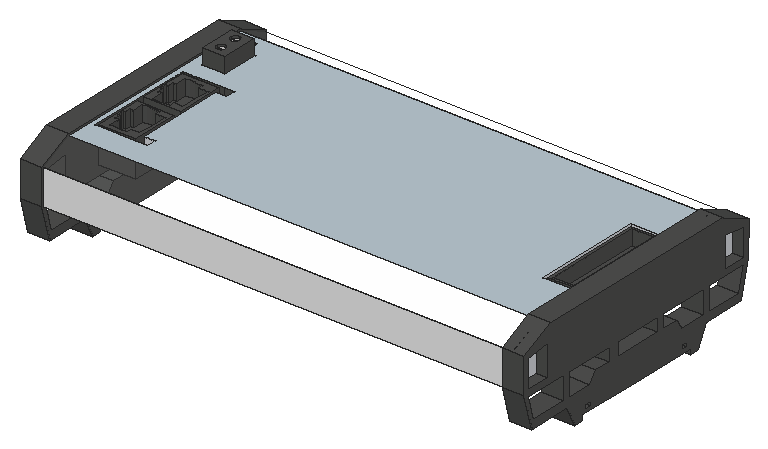
Revit family "3466A_NX_Network_Interface_Module", category Communication Devices, host Face, Revit 2021
Family settings
  Host = Face
  Maintain Annotation Orientation = No
  Round Connector Dimension = Use Diameter
  Part Type = Normal
  OmniClass Number = 23.85.80.11.27
  OmniClass Title = Lighting Controls
  Cut with Voids When Loaded = No
  Shared = Yes
  Room Calculation Point = No
Parameters
  White Element = Metal-Galvanized_Steel
  Warranty = "5-Years Warranty"  # constant formula
  Voltage = 24 V
  Type Comments = "NX Network Interface Module"  # constant formula
  Steel = Metal-Galvanized_Steel
  Product Page URL = ""
  URL = "https://www.currentlighting.com/nxlightingcontrols"
  Output Power = "24VDC power supplied to connected accessory modules"
  Model = "NX Dry Contact Module"  # constant formula
  Manufacturer = " NX Lighting Controls"  # constant formula
  Input Power = "24VDC, 800mA max current via network cable"
  Green Element = Plastic -  Green
  Features = "Allows connection of multiple accessory modules in series\r\n• Discovered as a control device and with visibility in the Area\r\nController GUI\r\n• Repeats communication signal to extend network length\r\n• Integral link indicators confirm network segment status\r\n• Ribbon cable connection to accessory modules provided\r\n• Power LED indicator confirms presence of accessory DC power\r\n• DIN rail mounting in the NX Accessory Enclosure"
  Description = "It provides a simple way to incorporate standard dry contact inputs and outputs into the NX control "  # constant formula
  Default Elevation = 48.00"
  Copyright = "Copyright ©  NX Lighting Controls"  # constant formula
  Contact Us = ""
  Black Material = Paint -  Black Matte Textured
  Assembly Code = "D5090"
  Apparent Load = 0 VA
Reference planes (in)
  plane 1 "Center (Front/Back)": y = 11.68155
  plane 2: z = 0
  plane 3 "Center (Left/Right)": x = 0
  plane 4: z = 2.21
  plane 5: x = -3.14
  plane 6: x = 3.14
  plane 7: y = 13.50155
  plane 8: y = 9.86155
  plane 9: z = 1.56
Forms (in)
  Extrusion 1, solid
    sketch origin (0, 0, 0) x (0, 1, 0) y (0, 0, 1)
      loop
        line (13.07788, 1.56) -> (10.28523, 1.56) -> (9.86155, 1.36244) -> (9.86155, 0.91005) -> (13.50155, 0.91005) -> (13.50155, 1.36244) -> (13.07788, 1.56)
    from 3.14 to -3.14
  Extrusion 2, void
    sketch origin (0, 0.0625, 0) x (1, 0, 0) y (0, 1, 0)
      loop
        line (2.63741, 12.3616) -> (2.63741, 10.92438) -> (3.06495, 10.92438) -> (3.06495, 12.3616) -> (2.63741, 12.3616)
    from 1.56 to 1.36244
  Extrusion 3, solid, material "Paint -  Black Matte Textured" <- "Black Material"
    sketch origin (0, 0.0625, 0) x (1, 0, 0) y (0, 1, 0)
      loop
        line (2.66678, 12.32936) -> (2.66678, 10.96534) -> (3.02605, 10.96534) -> (3.02605, 12.32936) -> (2.66678, 12.32936)
      loop
        line (2.70257, 12.29427) -> (2.70257, 10.99354) -> (2.98857, 10.99354) -> (2.98857, 12.29427) -> (2.70257, 12.29427)
    from 1.56 to 1.36244
  Extrusion 4, void
    sketch origin (0.125, -0.3125, 0) x (-1, 0, 0) y (0, -1, 0)
      loop
        line (2.51241, -12.3616) -> (3.06495, -12.3616) -> (3.06495, -10.92438) -> (2.51241, -10.92438) -> (2.37394, -10.92438) -> (2.37394, -11.06112) -> (2.51241, -11.06112) -> (2.51241, -12.22486) -> (2.37394, -12.22486) -> (2.37394, -12.3616) -> (2.51241, -12.3616)
      loop
        line (2.99877, -13.09004) -> (2.99877, -12.59004) -> (2.69117, -12.59004) -> (2.69117, -13.09004) -> (2.99877, -13.09004)
    from 1.56 to 1.36244
  Extrusion 5, solid, material "Paint -  Black Matte Textured" <- "Black Material"
    sketch origin (0, 0, 0) x (0, 1, 0) y (0, 0, 1)
      loop
        line (13.0935, 1.57562) -> (10.28523, 1.57562) -> (9.84593, 1.37077) -> (9.84593, 0.91005) -> (9.9652, 0.46494) -> (10.54605, 0.46494) -> (10.66994, 0.19926) -> (10.79494, 0.19926) -> (10.79494, 0.26756) -> (11.63955, 0.26756) -> (12.56817, 0.26756) -> (12.56817, 0.19926) -> (12.69317, 0.19926) -> (12.81706, 0.46494) -> (13.39791, 0.46494) -> (13.51718, 0.91005) -> (13.51718, 1.37806) -> (13.0935, 1.57562)
      loop
        line (10.23783, 1.35763) -> (9.91174, 1.312) -> (9.91174, 0.95262) -> (10.23783, 0.95262) -> (10.23783, 1.35763)
      loop
        line (13.12528, 1.35763) -> (13.12528, 0.95262) -> (13.45137, 0.95262) -> (13.45137, 1.312) -> (13.12528, 1.35763)
      loop
        line (13.45066, 0.87345) -> (12.86477, 0.87345) -> (12.86477, 0.56726) -> (13.36862, 0.56726) -> (13.45066, 0.87345)
      loop
        line (12.78626, 0.56726) -> (12.78626, 0.87345) -> (12.12026, 0.87345) -> (12.12026, 0.69692) -> (12.34363, 0.69692) -> (12.43442, 0.56726) -> (12.78626, 0.56726)
      loop
        line (12.03269, 0.87345) -> (11.38527, 0.87345) -> (11.38527, 0.69692) -> (12.03269, 0.69692) -> (12.03269, 0.87345)
      loop
        line (9.91245, 0.87345) -> (9.99449, 0.56726) -> (10.49834, 0.56726) -> (10.49834, 0.87345) -> (9.91245, 0.87345)
      loop
        line (10.57685, 0.56726) -> (10.92869, 0.56726) -> (11.01948, 0.69692) -> (11.24285, 0.69692) -> (11.24285, 0.87345) -> (10.57685, 0.87345) -> (10.57685, 0.56726)
      loop
        line (10.9421, 0.37202) -> (10.83376, 0.37202) -> (10.83376, 0.31383) -> (10.9421, 0.31383) -> (10.9421, 0.37202)
      loop
        line (12.51708, 0.37202) -> (12.43482, 0.37202) -> (12.43482, 0.31383) -> (12.51708, 0.31383) -> (12.51708, 0.37202)
    from 3.3 to 3.015
  Extrusion 6, solid, material "Paint -  Black Matte Textured" <- "Black Material"
    sketch origin (0, 0, 0) x (0, 1, 0) y (0, 0, -1)
      loop
        line (13.0935, -1.57562) -> (13.51718, -1.37806) -> (13.51718, -0.91005) -> (13.39791, -0.46494) -> (12.81706, -0.46494) -> (12.69317, -0.19926) -> (12.56817, -0.19926) -> (12.56817, -0.26756) -> (11.63955, -0.26756) -> (10.79494, -0.26756) -> (10.79494, -0.19926) -> (10.66994, -0.19926) -> (10.54605, -0.46494) -> (9.9652, -0.46494) -> (9.84593, -0.91005) -> (9.84593, -1.37077) -> (10.28523, -1.57562) -> (13.0935, -1.57562)
      loop
        line (10.23783, -1.35763) -> (10.23783, -0.95262) -> (9.91174, -0.95262) -> (9.91174, -1.312) -> (10.23783, -1.35763)
      loop
        line (13.12528, -1.35763) -> (13.45137, -1.312) -> (13.45137, -0.95262) -> (13.12528, -0.95262) -> (13.12528, -1.35763)
      loop
        line (13.45066, -0.87345) -> (13.36862, -0.56726) -> (12.86477, -0.56726) -> (12.86477, -0.87345) -> (13.45066, -0.87345)
      loop
        line (12.78626, -0.56726) -> (12.43442, -0.56726) -> (12.34363, -0.69692) -> (12.12026, -0.69692) -> (12.12026, -0.87345) -> (12.78626, -0.87345) -> (12.78626, -0.56726)
      loop
        line (12.03269, -0.87345) -> (12.03269, -0.69692) -> (11.38527, -0.69692) -> (11.38527, -0.87345) -> (12.03269, -0.87345)
      loop
        line (9.91245, -0.87345) -> (10.49834, -0.87345) -> (10.49834, -0.56726) -> (9.99449, -0.56726) -> (9.91245, -0.87345)
      loop
        line (10.57685, -0.56726) -> (10.57685, -0.87345) -> (11.24285, -0.87345) -> (11.24285, -0.69692) -> (11.01948, -0.69692) -> (10.92869, -0.56726) -> (10.57685, -0.56726)
      loop
        line (10.9421, -0.37202) -> (10.9421, -0.31383) -> (10.83376, -0.31383) -> (10.83376, -0.37202) -> (10.9421, -0.37202)
      loop
        line (12.51708, -0.37202) -> (12.51708, -0.31383) -> (12.43482, -0.31383) -> (12.43482, -0.37202) -> (12.51708, -0.37202)
    from 3.3 to 3.015
  Extrusion 7, solid, material "Paint -  Black Matte Textured" <- "Black Material"
    sketch origin (0, 0, 0) x (1, 0, 0) y (0, 1, 0)
      loop
        line (-2.91093, 12.01653) -> (-2.91093, 11.38479) -> (-2.43221, 11.38479) -> (-2.43221, 12.01653) -> (-2.91093, 12.01653)
      loop
        line (-2.89632, 11.68155) -> (-2.89632, 11.635) -> (-2.86492, 11.635) -> (-2.86492, 11.55897) -> (-2.82194, 11.55897) -> (-2.82194, 11.42012)
        arc (-2.82194, 11.42012) -> (-2.70707, 11.39895) -> (-2.59219, 11.42012) r 0.32222
        line (-2.59219, 11.42012) -> (-2.59219, 11.47467) -> (-2.46988, 11.47467) -> (-2.46988, 11.68155) -> (-2.46988, 11.88844) -> (-2.59219, 11.88844) -> (-2.59219, 11.94299)
        arc (-2.59219, 11.94299) -> (-2.70707, 11.96416) -> (-2.82194, 11.94299) r 0.32222
        line (-2.82194, 11.94299) -> (-2.82194, 11.80414) -> (-2.86492, 11.80414) -> (-2.86492, 11.72811) -> (-2.89632, 11.72811) -> (-2.89632, 11.68155)
      loop
        line (-2.91093, 10.64445) -> (-2.43221, 10.64445) -> (-2.43221, 11.27619) -> (-2.91093, 11.27619) -> (-2.91093, 10.64445)
      loop
        line (-2.89632, 10.97942) -> (-2.89632, 10.93287) -> (-2.86492, 10.93287) -> (-2.86492, 10.85684) -> (-2.82194, 10.85684) -> (-2.82194, 10.71799)
        arc (-2.82194, 10.71799) -> (-2.70707, 10.69682) -> (-2.59219, 10.71799) r 0.32222
        line (-2.59219, 10.71799) -> (-2.59219, 10.77254) -> (-2.46988, 10.77254) -> (-2.46988, 10.97942) -> (-2.46988, 11.18631) -> (-2.59219, 11.18631) -> (-2.59219, 11.24086)
        arc (-2.59219, 11.24086) -> (-2.70707, 11.26203) -> (-2.82194, 11.24086) r 0.32222
        line (-2.82194, 11.24086) -> (-2.82194, 11.10201) -> (-2.86492, 11.10201) -> (-2.86492, 11.02598) -> (-2.89632, 11.02598) -> (-2.89632, 10.97942)
    from 1.56 to 1.0886
  Extrusion 8, solid, material "Paint -  Black Matte Textured" <- "Black Material"
    sketch origin (0, 0, 0) x (1, 0, 0) y (0, 1, 0)
      loop
        line (-2.86377, 12.76754) -> (-2.86377, 12.28754) -> (-2.57617, 12.28754) -> (-2.57617, 12.76754) -> (-2.86377, 12.76754)
    from 1.75751 to 1.36244
  Extrusion 9, void
    sketch origin (0, 0, 0) x (1, 0, 0) y (0, 1, 0)
      loop
        circle (-2.71997, 12.64148) r 0.05976
      loop
        circle (-2.71997, 12.41359) r 0.05976
    from 1.75751 to 1.73
  Extrusion 10, solid, material "Metal-Galvanized_Steel" <- "Steel"
    sketch origin (0, 0, 0) x (1, 0, 0) y (0, 1, 0)
      loop
        arc (-2.77944, 12.63562) -> (-2.71997, 12.58173) -> (-2.6605, 12.63562) r 0.05976
        line (-2.6605, 12.63562) -> (-2.77944, 12.63562)
      loop
        arc (-2.6605, 12.64734) -> (-2.71997, 12.70124) -> (-2.77944, 12.64734) r 0.05976
        line (-2.77944, 12.64734) -> (-2.6605, 12.64734)
      loop
        arc (-2.77944, 12.40773) -> (-2.71997, 12.35384) -> (-2.6605, 12.40773) r 0.05976
        line (-2.6605, 12.40773) -> (-2.77944, 12.40773)
      loop
        arc (-2.6605, 12.41945) -> (-2.71997, 12.47335) -> (-2.77944, 12.41945) r 0.05976
        line (-2.77944, 12.41945) -> (-2.6605, 12.41945)
    from 1.74 to 1.72
  Extrusion 11, void
    sketch origin (0, 0, 0) x (1, 0, 0) y (0, 1, 0)
      loop
        circle (-2.72593, 12.93624) r 0.03911
    from 1.57563 to 1.54334
Cuts and joins
  Extrusion 2, Extrusion 4, Extrusion 11 cuts Extrusion 1
  Extrusion 4 cuts Extrusion 3
  Extrusion 9 cuts Extrusion 8
Dimensions and locks (in)
  plane 4 to plane 2 = 2.21"
  aligned and locked: plane 2 to host face
  aligned and locked: level to host face
  aligned and locked: plane 6 to Extrusion 1
  aligned and locked: Extrusion 1 to plane 5
Connectors (in)
  electrical at (0, 11.68155, 0.91005)
    settings: on cut or joined group of Extrusion 1, Extrusion 2, Extrusion 4, Extrusion 11, index 1, voltage 0 V, apparent load 0 VA, apparent load phase1 0 VA, apparent load phase2 0 VA, apparent load phase3 0 VA, power factor 1, load classification "Other", number of poles 1, system type 13, power factor state 1, is connector primary yes, connector utility no, sub classification motor no, connector description ""
